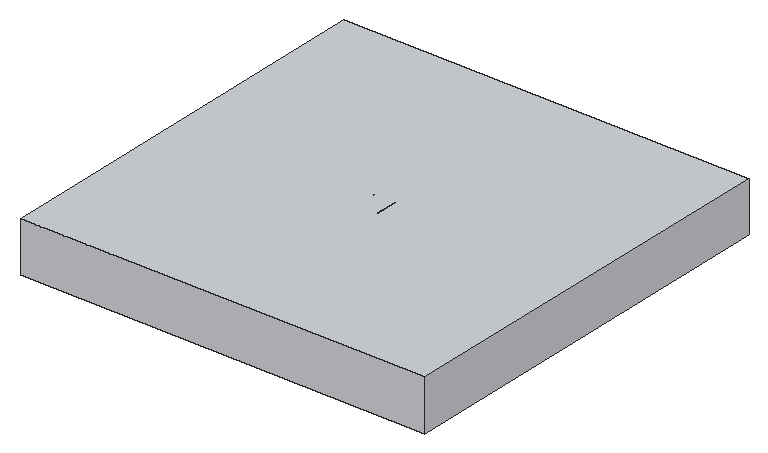
Revit family "M_Ventilador", category Iluminação elétrica, Revit 2019
Family settings
  Hospedeiro = Face
  Manter orientação da anotação = Sim
  Cota do conector redondo = Utilizar diâmetro
  Tipo de parte = Normal
  Número OmniClass = 23.75.35.17.24
  Título OmniClass = Axial Fans
  ID de item do Seek = Fan-0000-CAN-ENU
  Corte com vazios quando carregada = Não
  Compartilhado = Não
  Ponto de cálculo do ambiente = Não
Parameters (values of type "Padrão")
  Largura = 122 mm
  Avaliação da tensão = 115 V
  Número de pólos = 1
  Classificação de carga = Eletrodoméstico - Unidade de interrupção
  Comprimento = 122 mm
  Altura = 25 mm
  Material do ventilador = none
  Elevação-padrão = 1200 mm
  Carga aparente = 19 VA
  Fluxo de ar = 30.0 L/s
Reference planes
  plane 1 "Centro (Frente/Trás)": y = 0
  plane 2: z = 0
  plane 3 "Centro (Esquerda/Direita)": x = 0
  plane 4: y = -122
  plane 5: x = -61
  plane 6: x = 61
  plane 7: z = -25
Forms (mm)
  Extrusion 1, solid
    sketch origin (0, 0, 0) x (1, 0, 0) y (0, 1, 0)
      loop
        line (-1219.2, 1219.2) -> (-1219.2, -1219.2) -> (1219.2, -1219.2) -> (1219.2, 1219.2) -> (-1219.2, 1219.2)
    from 0 to -304.8
  Extrusion 2, solid, material <- "Material do ventilador"
    sketch origin (0, 0, 0) x (1, 0, 0) y (0, 1, 0)
      loop
        line (-61, 0) -> (-61, -122) -> (61, -122) -> (61, 0) -> (-61, 0)
    from -25 to 0
Lines and regions (mm)
  symbolic lines, detail levels fine
    curve 1: line (61, 0, 0) -> (-61, 0, 0)
    curve 2: line (-61, 0, 0) -> (-61, 0, -25)
    curve 3: line (-61, 0, -25) -> (61, 0, -25)
    curve 4: line (61, 0, -25) -> (61, 0, 0)
Dimensions and locks
  equal spacing: plane 5, plane 3 "Centro (Esquerda/Direita)", plane 6
  "Comprimento": plane 5 to plane 6
  "Largura": plane 4 to plane 1 "Centro (Frente/Trás)"
  "Altura": plane 2 to plane 7
  aligned and locked: plane 2 to Extrusion 1
  aligned and locked: level to Extrusion 1
  aligned and locked: plane 5 to Extrusion 2 sketch curve
  aligned and locked: plane 1 "Centro (Frente/Trás)" to Extrusion 2 sketch curve
  aligned and locked: plane 4 to Extrusion 2 sketch curve
  aligned and locked: Extrusion 2 sketch curve to plane 6
  aligned and locked: Extrusion 2 to plane 7
  aligned and locked: plane 2 to Extrusion 2
  aligned and locked: curve 1 to Extrusion 2
  aligned and locked: curve 2 to Extrusion 2
  aligned and locked: curve 3 to Extrusion 2
  aligned and locked: curve 4 to Extrusion 2
  aligned and locked: plane 1 "Centro (Frente/Trás)" to nested 1
  aligned and locked: plane 3 "Centro (Esquerda/Direita)" to nested 1
Automatic sketch dimensions
  Extrusion 1 sketch curve to Extrusion 1 sketch curve = 2438.4 mm  (x2)
Nested families
  nested 1: "M_Anotação de ventilador" at (0, 0, 0), type "Anotação do ventilador", detail levels coarse+medium
Connectors
  electrical at (0, 0, -12.5), driven by "Avaliação da tensão", driven by "Carga aparente", driven by "Número de pólos", driven by "Carga aparente", driven by "Classificação de carga"
    settings: on Extrusion 2, index 1, voltage 115 V, apparent load 19 VA, apparent load phase1 19 VA, apparent load phase2 0 VA, apparent load phase3 0 VA, power factor 1, load classification "Eletrodoméstico - Unidade de interrupção", number of poles 1, system type 30, power factor state 1, is connector primary yes, connector utility no, sub classification motor no, connector description ""
Definition of nested family "M_Anotação de ventilador"
  Reference planes
    plane 1: y = 0
    plane 2: x = 0
  Lines and regions (mm)
    reference lines
      curve 1: line (-14.943, 7.144, 0) -> (35.857, 7.144, 0)
      curve 2: line (-3.572, 17.053, 0) -> (-3.572, -16.627, 0)
      curve 3: line (3.572, 19.496, 0) -> (3.572, -14.184, 0)
      curve 4: line (0, 3.572, 0) -> (3.572, 7.144, 0)
    detail lines
      curve 5: spline (3.382, 6.954, 0) -> (3.121, 7.106, 0) -> (2.769, 7.139, 0) -> (2.35, 7.051, 0) -> (1.893, 6.847, 0) -> (1.428, 6.542, 0) -> (0.988, 6.156, 0) -> (0.602, 5.716, 0) -> (0.297, 5.251, 0) -> (0.093, 4.793, 0) -> (0.004, 4.374, 0) -> (0.037, 4.022, 0) -> (0.19, 3.761, 0) -> (0.451, 3.609, 0) -> (0.803, 3.576, 0) -> (1.222, 3.665, 0) -> (1.679, 3.868, 0) -> (2.144, 4.174, 0) -> (2.584, 4.56, 0) -> (2.97, 5, 0) -> (3.275, 5.465, 0) -> (3.479, 5.922, 0) -> (3.568, 6.341, 0) -> (3.535, 6.693, 0) -> (3.382, 6.954, 0)
      curve 6: spline (-3.382, 6.954, 0) -> (-3.121, 7.106, 0) -> (-2.769, 7.139, 0) -> (-2.35, 7.051, 0) -> (-1.893, 6.847, 0) -> (-1.428, 6.542, 0) -> (-0.988, 6.156, 0) -> (-0.602, 5.716, 0) -> (-0.297, 5.251, 0) -> (-0.093, 4.793, 0) -> (-0.004, 4.374, 0) -> (-0.037, 4.022, 0) -> (-0.19, 3.761, 0) -> (-0.451, 3.609, 0) -> (-0.803, 3.576, 0) -> (-1.222, 3.665, 0) -> (-1.679, 3.868, 0) -> (-2.144, 4.174, 0) -> (-2.584, 4.56, 0) -> (-2.97, 5, 0) -> (-3.275, 5.465, 0) -> (-3.479, 5.922, 0) -> (-3.568, 6.341, 0) -> (-3.535, 6.693, 0) -> (-3.382, 6.954, 0)
      curve 7: spline (3.382, 0.19, 0) -> (3.121, 0.037, 0) -> (2.769, 0.004, 0) -> (2.35, 0.093, 0) -> (1.893, 0.297, 0) -> (1.428, 0.602, 0) -> (0.988, 0.988, 0) -> (0.602, 1.428, 0) -> (0.297, 1.893, 0) -> (0.093, 2.35, 0) -> (0.004, 2.769, 0) -> (0.037, 3.121, 0) -> (0.19, 3.382, 0) -> (0.451, 3.535, 0) -> (0.803, 3.568, 0) -> (1.222, 3.479, 0) -> (1.679, 3.275, 0) -> (2.144, 2.97, 0) -> (2.584, 2.584, 0) -> (2.97, 2.144, 0) -> (3.275, 1.679, 0) -> (3.479, 1.222, 0) -> (3.568, 0.803, 0) -> (3.535, 0.451, 0) -> (3.382, 0.19, 0)
      curve 8: spline (-3.382, 0.19, 0) -> (-3.121, 0.037, 0) -> (-2.769, 0.004, 0) -> (-2.35, 0.093, 0) -> (-1.893, 0.297, 0) -> (-1.428, 0.602, 0) -> (-0.988, 0.988, 0) -> (-0.602, 1.428, 0) -> (-0.297, 1.893, 0) -> (-0.093, 2.35, 0) -> (-0.004, 2.769, 0) -> (-0.037, 3.121, 0) -> (-0.19, 3.382, 0) -> (-0.451, 3.535, 0) -> (-0.803, 3.568, 0) -> (-1.222, 3.479, 0) -> (-1.679, 3.275, 0) -> (-2.144, 2.97, 0) -> (-2.584, 2.584, 0) -> (-2.97, 2.144, 0) -> (-3.275, 1.679, 0) -> (-3.479, 1.222, 0) -> (-3.568, 0.803, 0) -> (-3.535, 0.451, 0) -> (-3.382, 0.19, 0)
  Dimensions and locks
    locked: plane 1 to curve 1 at 7.144
    locked: plane 2 to curve 3 at 3.572
    locked: curve 2 to plane 2 at 3.572
